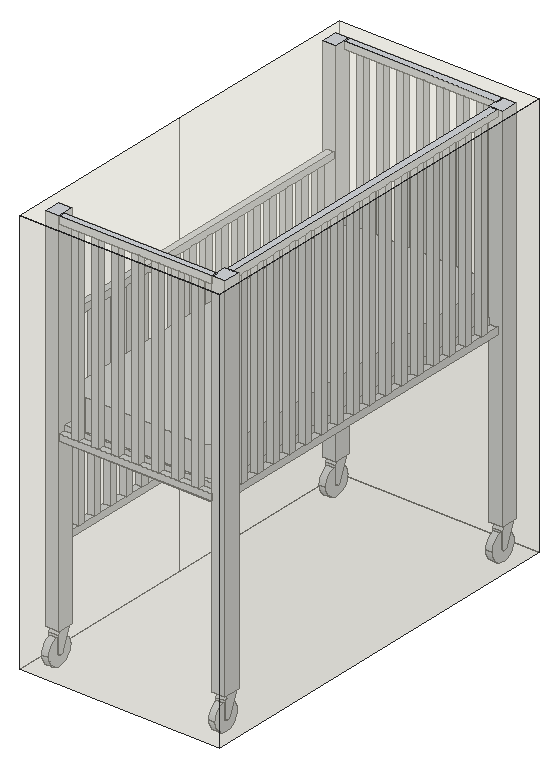
Revit family "Baby_Crib", category Specialty Equipment, Revit 2021
Family settings
  Round Connector Dimension = Use Diameter
  Part Type = Normal
  Work Plane-Based = No
  Always vertical = Yes
  Cut with Voids When Loaded = No
  Shared = No
  Room Calculation Point = No
Parameters
  caster material [instance] = none
  Youtube clip = ""
  Weight_IP = 205
  Weight Net (Kg) = 0
  Watts2 = "0"
  Watts1 = "0"
  Unit_Issue = "EA"
  Uniclass 2.0 Description = ""
  Uniclass 2.0 Code = ""
  Uniclass 1.4 Description = ""
  Uniclass 1.4 Code = ""
  UTIL_6_Misc = "-"
  UTIL_5_NonMedGas = "-"
  UTIL_4_MiscGas = "-"
  UTIL_3_MedGas = "-"
  UTIL_2_Elec = "-"
  UTIL_1_WaterDrain = "-"
  UNSPSC Code = ""
  Technical description = ""
  Region South America = "None"
  Region Oceania = "None"
  Region North America = "US"
  Region Middle East = "None"
  Region Europe = "None"
  Region Asia = "None"
  Region Antarctica = "None"
  Region Africa = "None"
  QR code = "http://bimobject.com/seps2bim/product/M7015"
  Product group = ""
  Product family = ""
  Product data url = "https://bimobject.com/seps2bim/product/M7015"
  Product certification = ""
  Product SKU = "M7015"
  Product Guid = "4024d181-a3a3-4f8c-bbae-63cc70163d71"
  OmniClass Description = ""
  OmniClass Code = ""
  Nominal width = 760
  Nominal height = 1550
  Nomenclature = "Crib"
  NSN = "6530"
  NBS Reference Description = ""
  NBS Reference Code = ""
  Material secondary = ""
  Material main = ""
  Manufacturer name = "SEPS2BIM"
  Manufacturer country = "United States"
  Location [instance] = ""
  JSN = "M7015"
  Installation instructions = ""
  IFC Classification = ""
  Fund_Source_VA = "-"
  Fund_Source_Navy = "-"
  Fund_Source_Army = "-"
  Fund_Source_AF = "-"
  Edition number = 1
  ELEC_Volts2 = "0"
  ELEC_Volts1 = "0"
  ELEC_Phase2 = "0"
  ELEC_Phase1 = "0"
  ELEC_HertzSwitch = "0"
  ELEC_HertzDependent = "0"
  ELEC_Hertz = "0"
  ELEC_Amps2 = "0"
  ELEC_Amps1 = "0"
  EAN code = ""
  DetailDescription = "Pediatric crib. Constructed of heavy square steel. Side rails have maximum 2-3/4\" bar spacing with a squeeze release. Spring height adjusts from 32 1/2\" to 41 1/2\" high. Mattresses should be water and stain resistant. The unit is mounted on ball bearing casters. To be used in pediatric departments."
  Design country = "United States"
  Description = "Pediatric crib. Constructed of heavy square steel. Side rails have maximum 2-3/4\" bar spacing with a squeeze release. Spring height adjusts from 32 1/2\" to 41 1/2\" high. Mattresses should be water and stain resistant. The unit is mounted on ball bearing casters. To be used in pediatric departments."
  Default Elevation = 0' - 0"
  Date of publishing = "2014-08-12"
  DIM_Width_IP = 2' - 6"
  DIM_Height_IP = 5' - 1"
  DIM_Depth_IP = 5' - 0"
  COBIe Type Category = ""
  CAT_VA = "C"
  CAT_Navy = "C"
  CAT_IHS = "-"
  CAT_Army = "C"
  CAT_AF = "C"
  BTUperhour = "0"
  BIMobject category = ""
Reference planes (in)
  plane 1 "Center (Front/Back)": y = 0
  plane 2: z = 0
  plane 3 "Center (Left/Right)": x = 0
  plane 4: z = 61
  plane 5: x = -15
  plane 6: x = 15
  plane 7: y = 30
  plane 8: y = -30
Forms (in)
  Extrusion 1, solid, material "EquipSpace"
    sketch origin (0, 0, 0) x (1, 0, 0) y (0, 1, 0)
      loop
        line (-15, 0) -> (-15, -30) -> (15, -30) -> (15, 30) -> (-15, 30) -> (-15, 0)
    from 0 to 61
  Extrusion 2, solid, material <- "caster material"
    sketch origin (-31.905, 73.38805, 157.48213) x (0, 1, 0) y (0, 0, 1)
      loop
        circle (-47.71593, -155.4544) r 2.02773
    from 19.905 to 18.905
  Extrusion 3, solid, material <- "caster material"
    sketch origin (-11.75, -62.6688, 157.48213) x (0, -1, 0) y (0, 0, -1)
      loop
        arc (-89.78427, 152.81872) -> (-89.75342, 152.5055) -> (-89.47585, 152.35713) r 0.33384
        line (-89.47585, 152.35713) -> (-88.28092, 152.35713) -> (-87.89991, 153.19191) -> (-87.89991, 155.48031)
        arc (-87.89991, 155.48031) -> (-88.22784, 155.85425) -> (-88.64137, 155.57793) r 0.37716
        line (-88.64137, 155.57793) -> (-88.83803, 155.10316) -> (-89.78427, 152.81872)
    from 0 to -1.5
  Extrusion 4, solid, material <- "caster material"
    sketch origin (-31.905, 73.38805, 157.48213) x (0, 1, 0) y (0, 0, 1)
      loop
        circle (-47.71593, -155.4544) r 2.02773
    from 19.905 to 18.905
  Extrusion 5, solid, material <- "caster material"
    sketch origin (31.905, 73.38805, 157.48213) x (0, 1, 0) y (0, 0, -1)
      loop
        circle (-47.71593, 155.4544) r 2.02773
    from 19.905 to 18.905
  Extrusion 6, solid, material <- "caster material"
    sketch origin (11.75, -62.6688, 157.48213) x (0, -1, 0) y (0, 0, 1)
      loop
        line (-89.78427, -152.81872) -> (-88.83803, -155.10316) -> (-88.64137, -155.57793)
        arc (-88.64137, -155.57793) -> (-88.22784, -155.85425) -> (-87.89991, -155.48031) r 0.37716
        line (-87.89991, -155.48031) -> (-87.89991, -153.19191) -> (-88.28092, -152.35713) -> (-89.47585, -152.35713)
        arc (-89.47585, -152.35713) -> (-89.75342, -152.5055) -> (-89.78427, -152.81872) r 0.33384
    from 0 to -1.5
  Extrusion 7, solid, material <- "caster material"
    sketch origin (31.905, 73.38805, 157.48213) x (0, 1, 0) y (0, 0, -1)
      loop
        circle (-47.71593, 155.4544) r 2.02773
    from 19.905 to 18.905
  Extrusion 8, solid, material <- "caster material"
    sketch origin (-31.905, 21.38805, 157.48213) x (0, 1, 0) y (0, 0, 1)
      loop
        circle (-47.71593, -155.4544) r 2.02773
    from 19.905 to 18.905
  Extrusion 9, solid, material <- "caster material"
    sketch origin (-11.75, -114.6688, 157.48213) x (0, -1, 0) y (0, 0, -1)
      loop
        arc (-89.78427, 152.81872) -> (-89.75342, 152.5055) -> (-89.47585, 152.35713) r 0.33384
        line (-89.47585, 152.35713) -> (-88.28092, 152.35713) -> (-87.89991, 153.19191) -> (-87.89991, 155.48031)
        arc (-87.89991, 155.48031) -> (-88.22784, 155.85425) -> (-88.64137, 155.57793) r 0.37716
        line (-88.64137, 155.57793) -> (-88.83803, 155.10316) -> (-89.78427, 152.81872)
    from 0 to -1.5
  Extrusion 10, solid, material <- "caster material"
    sketch origin (-31.905, 21.38805, 157.48213) x (0, 1, 0) y (0, 0, 1)
      loop
        circle (-47.71593, -155.4544) r 2.02773
    from 19.905 to 18.905
  Extrusion 11, solid, material <- "caster material"
    sketch origin (31.905, 21.38805, 157.48213) x (0, 1, 0) y (0, 0, -1)
      loop
        circle (-47.71593, 155.4544) r 2.02773
    from 19.905 to 18.905
  Extrusion 12, solid, material <- "caster material"
    sketch origin (11.75, -114.6688, 157.48213) x (0, -1, 0) y (0, 0, 1)
      loop
        line (-89.78427, -152.81872) -> (-88.83803, -155.10316) -> (-88.64137, -155.57793)
        arc (-88.64137, -155.57793) -> (-88.22784, -155.85425) -> (-87.89991, -155.48031) r 0.37716
        line (-87.89991, -155.48031) -> (-87.89991, -153.19191) -> (-88.28092, -152.35713) -> (-89.47585, -152.35713)
        arc (-89.47585, -152.35713) -> (-89.75342, -152.5055) -> (-89.78427, -152.81872) r 0.33384
    from 0 to -1.5
  Extrusion 13, solid, material <- "caster material"
    sketch origin (31.905, 21.38805, 157.48213) x (0, 1, 0) y (0, 0, -1)
      loop
        circle (-47.71593, 155.4544) r 2.02773
    from 19.905 to 18.905
  Extrusion 14, solid
    sketch origin (-0.25, 0.25, 0) x (1, 0, 0) y (0, 1, 0)
      loop
        line (-13.25, 27.14088) -> (-13.25, 24.64088) -> (-11.25, 24.64088) -> (-11.25, 27.14088) -> (-13.25, 27.14088)
    from 5.125 to 61
  Extrusion 15, solid
    sketch origin (0.25, 0.25, 0) x (-1, 0, 0) y (0, -1, 0)
      loop
        line (-13.25, -27.14088) -> (-11.25, -27.14088) -> (-11.25, -24.64088) -> (-13.25, -24.64088) -> (-13.25, -27.14088)
    from 5.125 to 61
  Extrusion 16, solid
    sketch origin (-0.25, -51.75, 0) x (1, 0, 0) y (0, 1, 0)
      loop
        line (-13.25, 27.14088) -> (-13.25, 24.64088) -> (-11.25, 24.64088) -> (-11.25, 27.14088) -> (-13.25, 27.14088)
    from 5.125 to 61
  Extrusion 17, solid
    sketch origin (0.25, -51.75, 0) x (-1, 0, 0) y (0, -1, 0)
      loop
        line (-13.25, -27.14088) -> (-11.25, -27.14088) -> (-11.25, -24.64088) -> (-13.25, -24.64088) -> (-13.25, -27.14088)
    from 5.125 to 61
  Extrusion 18, solid
    sketch origin (0, 0, 30) x (1, 0, 0) y (0, 1, 0)
      loop
        line (-11.5, 26.39088) -> (-11.5, -26.10912) -> (11.5, -26.10912) -> (11.5, 26.39088) -> (-11.5, 26.39088)
    from 0 to 2.5
  Extrusion 19, solid
    sketch origin (0, 0, 32.5) x (1, 0, 0) y (0, 1, 0)
      loop
        arc (-8.5, 25.97257) -> (-10.62132, 25.09389) -> (-11.5, 22.97257) r 3
        line (-11.5, 22.97257) -> (-11.5, -22.79622)
        arc (-11.5, -22.79622) -> (-10.62132, -24.91754) -> (-8.5, -25.79622) r 3
        line (-8.5, -25.79622) -> (8.5, -25.79622)
        arc (8.5, -25.79622) -> (10.62132, -24.91754) -> (11.5, -22.79622) r 3
        line (11.5, -22.79622) -> (11.5, 22.97257)
        arc (11.5, 22.97257) -> (10.62132, 25.09389) -> (8.5, 25.97257) r 3
        line (8.5, 25.97257) -> (-8.5, 25.97257)
    from 0 to 4.5
  Extrusion 20, solid
    sketch origin (0, -0.08169, 30.75) x (1, 0, 0) y (0, 1, 0)
      loop
        line (-11.5, -27.02743) -> (11.5, -27.02743) -> (11.5, -26.02743) -> (-11.5, -26.02743) -> (-11.5, -27.02743)
    from 0 to 1
  Extrusion 21, solid
    sketch origin (0, -0.08169, 60) x (1, 0, 0) y (0, 1, 0)
      loop
        line (-11.5, -27.02743) -> (11.5, -27.02743) -> (11.5, -26.02743) -> (-11.5, -26.02743) -> (-11.5, -27.02743)
    from 0 to 1
  Extrusion 22, solid
    sketch origin (2, 0, 36) x (1, 0, 0) y (0, 1, 0)
      loop
        line (-11.5, -26.10912) -> (-11.5, -27.10912) -> (-10.5, -27.10912) -> (-10.5, -26.10912) -> (-11.5, -26.10912)
    from -4.25 to 24
  Extrusion 23, solid
    sketch origin (5, 0, 36) x (1, 0, 0) y (0, 1, 0)
      loop
        line (-11.5, -26.10912) -> (-11.5, -27.10912) -> (-10.5, -27.10912) -> (-10.5, -26.10912) -> (-11.5, -26.10912)
    from -4.25 to 24
  Extrusion 24, solid
    sketch origin (8, 0, 36) x (1, 0, 0) y (0, 1, 0)
      loop
        line (-11.5, -26.10912) -> (-11.5, -27.10912) -> (-10.5, -27.10912) -> (-10.5, -26.10912) -> (-11.5, -26.10912)
    from -4.25 to 24
  Extrusion 25, solid
    sketch origin (11, 0, 36) x (1, 0, 0) y (0, 1, 0)
      loop
        line (-11.5, -26.10912) -> (-11.5, -27.10912) -> (-10.5, -27.10912) -> (-10.5, -26.10912) -> (-11.5, -26.10912)
    from -4.25 to 24
  Extrusion 26, solid
    sketch origin (14, 0, 36) x (1, 0, 0) y (0, 1, 0)
      loop
        line (-11.5, -26.10912) -> (-11.5, -27.10912) -> (-10.5, -27.10912) -> (-10.5, -26.10912) -> (-11.5, -26.10912)
    from -4.25 to 24
  Extrusion 27, solid
    sketch origin (17, 0, 36) x (1, 0, 0) y (0, 1, 0)
      loop
        line (-11.5, -26.10912) -> (-11.5, -27.10912) -> (-10.5, -27.10912) -> (-10.5, -26.10912) -> (-11.5, -26.10912)
    from -4.25 to 24
  Extrusion 28, solid
    sketch origin (20, 0, 36) x (1, 0, 0) y (0, 1, 0)
      loop
        line (-11.5, -26.10912) -> (-11.5, -27.10912) -> (-10.5, -27.10912) -> (-10.5, -26.10912) -> (-11.5, -26.10912)
    from -4.25 to 24
  Extrusion 29, solid
    sketch origin (0, 53.41831, 30.75) x (1, 0, 0) y (0, 1, 0)
      loop
        line (-11.5, -27.02743) -> (11.5, -27.02743) -> (11.5, -26.02743) -> (-11.5, -26.02743) -> (-11.5, -27.02743)
    from 0 to 1
  Extrusion 30, solid
    sketch origin (0, 53.41831, 60) x (1, 0, 0) y (0, 1, 0)
      loop
        line (-11.5, -27.02743) -> (11.5, -27.02743) -> (11.5, -26.02743) -> (-11.5, -26.02743) -> (-11.5, -27.02743)
    from 0 to 1
  Extrusion 31, solid
    sketch origin (2, 53.5, 36) x (1, 0, 0) y (0, 1, 0)
      loop
        line (-11.5, -26.10912) -> (-11.5, -27.10912) -> (-10.5, -27.10912) -> (-10.5, -26.10912) -> (-11.5, -26.10912)
    from -4.25 to 24
  Extrusion 32, solid
    sketch origin (5, 53.5, 36) x (1, 0, 0) y (0, 1, 0)
      loop
        line (-11.5, -26.10912) -> (-11.5, -27.10912) -> (-10.5, -27.10912) -> (-10.5, -26.10912) -> (-11.5, -26.10912)
    from -4.25 to 24
  Extrusion 33, solid
    sketch origin (8, 53.5, 36) x (1, 0, 0) y (0, 1, 0)
      loop
        line (-11.5, -26.10912) -> (-11.5, -27.10912) -> (-10.5, -27.10912) -> (-10.5, -26.10912) -> (-11.5, -26.10912)
    from -4.25 to 24
  Extrusion 34, solid
    sketch origin (11, 53.5, 36) x (1, 0, 0) y (0, 1, 0)
      loop
        line (-11.5, -26.10912) -> (-11.5, -27.10912) -> (-10.5, -27.10912) -> (-10.5, -26.10912) -> (-11.5, -26.10912)
    from -4.25 to 24
  Extrusion 35, solid
    sketch origin (14, 53.5, 36) x (1, 0, 0) y (0, 1, 0)
      loop
        line (-11.5, -26.10912) -> (-11.5, -27.10912) -> (-10.5, -27.10912) -> (-10.5, -26.10912) -> (-11.5, -26.10912)
    from -4.25 to 24
  Extrusion 36, solid
    sketch origin (17, 53.5, 36) x (1, 0, 0) y (0, 1, 0)
      loop
        line (-11.5, -26.10912) -> (-11.5, -27.10912) -> (-10.5, -27.10912) -> (-10.5, -26.10912) -> (-11.5, -26.10912)
    from -4.25 to 24
  Extrusion 37, solid
    sketch origin (20, 53.5, 36) x (1, 0, 0) y (0, 1, 0)
      loop
        line (-11.5, -26.10912) -> (-11.5, -27.10912) -> (-10.5, -27.10912) -> (-10.5, -26.10912) -> (-11.5, -26.10912)
    from -4.25 to 24
  Extrusion 38, solid
    sketch origin (-14.27743, 13.39088, 30.75) x (0, 1, 0) y (-1, 0, 0)
      loop
        line (-38, -27.02743) -> (11.5, -27.02743) -> (11.5, -26.02743) -> (-38, -26.02743) -> (-38, -27.02743)
    from 0 to 1
  Extrusion 39, solid
    sketch origin (-14.27743, 13.39088, 60) x (0, 1, 0) y (-1, 0, 0)
      loop
        line (-38, -27.02743) -> (11.5, -27.02743) -> (11.5, -26.02743) -> (-38, -26.02743) -> (-38, -27.02743)
    from 0 to 1
  Extrusion 40, solid
    sketch origin (-14.35912, 15.39088, 36) x (0, 1, 0) y (-1, 0, 0)
      loop
        line (-11.5, -26.10912) -> (-11.5, -27.10912) -> (-10.5, -27.10912) -> (-10.5, -26.10912) -> (-11.5, -26.10912)
    from -4.25 to 24
  Extrusion 41, solid
    sketch origin (-14.35912, 18.39088, 36) x (0, 1, 0) y (-1, 0, 0)
      loop
        line (-11.5, -26.10912) -> (-11.5, -27.10912) -> (-10.5, -27.10912) -> (-10.5, -26.10912) -> (-11.5, -26.10912)
    from -4.25 to 24
  Extrusion 42, solid
    sketch origin (-14.35912, 21.39088, 36) x (0, 1, 0) y (-1, 0, 0)
      loop
        line (-11.5, -26.10912) -> (-11.5, -27.10912) -> (-10.5, -27.10912) -> (-10.5, -26.10912) -> (-11.5, -26.10912)
    from -4.25 to 24
  Extrusion 43, solid
    sketch origin (-14.35912, 24.39088, 36) x (0, 1, 0) y (-1, 0, 0)
      loop
        line (-11.5, -26.10912) -> (-11.5, -27.10912) -> (-10.5, -27.10912) -> (-10.5, -26.10912) -> (-11.5, -26.10912)
    from -4.25 to 24
  Extrusion 44, solid
    sketch origin (-14.35912, 27.39088, 36) x (0, 1, 0) y (-1, 0, 0)
      loop
        line (-11.5, -26.10912) -> (-11.5, -27.10912) -> (-10.5, -27.10912) -> (-10.5, -26.10912) -> (-11.5, -26.10912)
    from -4.25 to 24
  Extrusion 45, solid
    sketch origin (-14.35912, 30.39088, 36) x (0, 1, 0) y (-1, 0, 0)
      loop
        line (-11.5, -26.10912) -> (-11.5, -27.10912) -> (-10.5, -27.10912) -> (-10.5, -26.10912) -> (-11.5, -26.10912)
    from -4.25 to 24
  Extrusion 46, solid
    sketch origin (-14.35912, 33.39088, 36) x (0, 1, 0) y (-1, 0, 0)
      loop
        line (-11.5, -26.10912) -> (-11.5, -27.10912) -> (-10.5, -27.10912) -> (-10.5, -26.10912) -> (-11.5, -26.10912)
    from -4.25 to 24
  Extrusion 47, solid
    sketch origin (-14.35912, -5.60912, 36) x (0, 1, 0) y (-1, 0, 0)
      loop
        line (-11.5, -26.10912) -> (-11.5, -27.10912) -> (-10.5, -27.10912) -> (-10.5, -26.10912) -> (-11.5, -26.10912)
    from -4.25 to 24
  Extrusion 48, solid
    sketch origin (-14.35912, -2.60912, 36) x (0, 1, 0) y (-1, 0, 0)
      loop
        line (-11.5, -26.10912) -> (-11.5, -27.10912) -> (-10.5, -27.10912) -> (-10.5, -26.10912) -> (-11.5, -26.10912)
    from -4.25 to 24
  Extrusion 49, solid
    sketch origin (-14.35912, 0.39088, 36) x (0, 1, 0) y (-1, 0, 0)
      loop
        line (-11.5, -26.10912) -> (-11.5, -27.10912) -> (-10.5, -27.10912) -> (-10.5, -26.10912) -> (-11.5, -26.10912)
    from -4.25 to 24
  Extrusion 50, solid
    sketch origin (-14.35912, 3.39088, 36) x (0, 1, 0) y (-1, 0, 0)
      loop
        line (-11.5, -26.10912) -> (-11.5, -27.10912) -> (-10.5, -27.10912) -> (-10.5, -26.10912) -> (-11.5, -26.10912)
    from -4.25 to 24
  Extrusion 51, solid
    sketch origin (-14.35912, 6.39088, 36) x (0, 1, 0) y (-1, 0, 0)
      loop
        line (-11.5, -26.10912) -> (-11.5, -27.10912) -> (-10.5, -27.10912) -> (-10.5, -26.10912) -> (-11.5, -26.10912)
    from -4.25 to 24
  Extrusion 52, solid
    sketch origin (-14.35912, 9.39088, 36) x (0, 1, 0) y (-1, 0, 0)
      loop
        line (-11.5, -26.10912) -> (-11.5, -27.10912) -> (-10.5, -27.10912) -> (-10.5, -26.10912) -> (-11.5, -26.10912)
    from -4.25 to 24
  Extrusion 53, solid
    sketch origin (-14.35912, 12.39088, 36) x (0, 1, 0) y (-1, 0, 0)
      loop
        line (-11.5, -26.10912) -> (-11.5, -27.10912) -> (-10.5, -27.10912) -> (-10.5, -26.10912) -> (-11.5, -26.10912)
    from -4.25 to 24
  Extrusion 54, solid
    sketch origin (-14.35912, -11.60912, 36) x (0, 1, 0) y (-1, 0, 0)
      loop
        line (-11.5, -26.10912) -> (-11.5, -27.10912) -> (-10.5, -27.10912) -> (-10.5, -26.10912) -> (-11.5, -26.10912)
    from -4.25 to 24
  Extrusion 55, solid
    sketch origin (-14.35912, -8.60912, 36) x (0, 1, 0) y (-1, 0, 0)
      loop
        line (-11.5, -26.10912) -> (-11.5, -27.10912) -> (-10.5, -27.10912) -> (-10.5, -26.10912) -> (-11.5, -26.10912)
    from -4.25 to 24
  Extrusion 56, solid
    sketch origin (14.27743, 13.39088, 16.5) x (0, 1, 0) y (-1, 0, 0)
      loop
        line (-38, 27.02743) -> (-38, 26.02743) -> (11.5, 26.02743) -> (11.5, 27.02743) -> (-38, 27.02743)
    from 0 to 1
  Extrusion 57, solid
    sketch origin (14.27743, 13.39088, 45.75) x (0, 1, 0) y (-1, 0, 0)
      loop
        line (-38, 27.02743) -> (-38, 26.02743) -> (11.5, 26.02743) -> (11.5, 27.02743) -> (-38, 27.02743)
    from 0 to 1
  Extrusion 58, solid
    sketch origin (14.35912, 15.39088, 21.75) x (0, 1, 0) y (-1, 0, 0)
      loop
        line (-11.5, 26.10912) -> (-10.5, 26.10912) -> (-10.5, 27.10912) -> (-11.5, 27.10912) -> (-11.5, 26.10912)
    from -4.25 to 24
  Extrusion 59, solid
    sketch origin (14.35912, 18.39088, 21.75) x (0, 1, 0) y (-1, 0, 0)
      loop
        line (-11.5, 26.10912) -> (-10.5, 26.10912) -> (-10.5, 27.10912) -> (-11.5, 27.10912) -> (-11.5, 26.10912)
    from -4.25 to 24
  Extrusion 60, solid
    sketch origin (14.35912, 21.39088, 21.75) x (0, 1, 0) y (-1, 0, 0)
      loop
        line (-11.5, 26.10912) -> (-10.5, 26.10912) -> (-10.5, 27.10912) -> (-11.5, 27.10912) -> (-11.5, 26.10912)
    from -4.25 to 24
  Extrusion 61, solid
    sketch origin (14.35912, 24.39088, 21.75) x (0, 1, 0) y (-1, 0, 0)
      loop
        line (-11.5, 26.10912) -> (-10.5, 26.10912) -> (-10.5, 27.10912) -> (-11.5, 27.10912) -> (-11.5, 26.10912)
    from -4.25 to 24
  Extrusion 62, solid
    sketch origin (14.35912, 27.39088, 21.75) x (0, 1, 0) y (-1, 0, 0)
      loop
        line (-11.5, 26.10912) -> (-10.5, 26.10912) -> (-10.5, 27.10912) -> (-11.5, 27.10912) -> (-11.5, 26.10912)
    from -4.25 to 24
  Extrusion 63, solid
    sketch origin (14.35912, 30.39088, 21.75) x (0, 1, 0) y (-1, 0, 0)
      loop
        line (-11.5, 26.10912) -> (-10.5, 26.10912) -> (-10.5, 27.10912) -> (-11.5, 27.10912) -> (-11.5, 26.10912)
    from -4.25 to 24
  Extrusion 64, solid
    sketch origin (14.35912, 33.39088, 21.75) x (0, 1, 0) y (-1, 0, 0)
      loop
        line (-11.5, 26.10912) -> (-10.5, 26.10912) -> (-10.5, 27.10912) -> (-11.5, 27.10912) -> (-11.5, 26.10912)
    from -4.25 to 24
  Extrusion 65, solid
    sketch origin (14.35912, -5.60912, 21.75) x (0, 1, 0) y (-1, 0, 0)
      loop
        line (-11.5, 26.10912) -> (-10.5, 26.10912) -> (-10.5, 27.10912) -> (-11.5, 27.10912) -> (-11.5, 26.10912)
    from -4.25 to 24
  Extrusion 66, solid
    sketch origin (14.35912, -2.60912, 21.75) x (0, 1, 0) y (-1, 0, 0)
      loop
        line (-11.5, 26.10912) -> (-10.5, 26.10912) -> (-10.5, 27.10912) -> (-11.5, 27.10912) -> (-11.5, 26.10912)
    from -4.25 to 24
  Extrusion 67, solid
    sketch origin (14.35912, 0.39088, 21.75) x (0, 1, 0) y (-1, 0, 0)
      loop
        line (-11.5, 26.10912) -> (-10.5, 26.10912) -> (-10.5, 27.10912) -> (-11.5, 27.10912) -> (-11.5, 26.10912)
    from -4.25 to 24
  Extrusion 68, solid
    sketch origin (14.35912, 3.39088, 21.75) x (0, 1, 0) y (-1, 0, 0)
      loop
        line (-11.5, 26.10912) -> (-10.5, 26.10912) -> (-10.5, 27.10912) -> (-11.5, 27.10912) -> (-11.5, 26.10912)
    from -4.25 to 24
  Extrusion 69, solid
    sketch origin (14.35912, 6.39088, 21.75) x (0, 1, 0) y (-1, 0, 0)
      loop
        line (-11.5, 26.10912) -> (-10.5, 26.10912) -> (-10.5, 27.10912) -> (-11.5, 27.10912) -> (-11.5, 26.10912)
    from -4.25 to 24
  Extrusion 70, solid
    sketch origin (14.35912, 9.39088, 21.75) x (0, 1, 0) y (-1, 0, 0)
      loop
        line (-11.5, 26.10912) -> (-10.5, 26.10912) -> (-10.5, 27.10912) -> (-11.5, 27.10912) -> (-11.5, 26.10912)
    from -4.25 to 24
  Extrusion 71, solid
    sketch origin (14.35912, 12.39088, 21.75) x (0, 1, 0) y (-1, 0, 0)
      loop
        line (-11.5, 26.10912) -> (-10.5, 26.10912) -> (-10.5, 27.10912) -> (-11.5, 27.10912) -> (-11.5, 26.10912)
    from -4.25 to 24
  Extrusion 72, solid
    sketch origin (14.35912, -11.60912, 21.75) x (0, 1, 0) y (-1, 0, 0)
      loop
        line (-11.5, 26.10912) -> (-10.5, 26.10912) -> (-10.5, 27.10912) -> (-11.5, 27.10912) -> (-11.5, 26.10912)
    from -4.25 to 24
  Extrusion 73, solid
    sketch origin (14.35912, -8.60912, 21.75) x (0, 1, 0) y (-1, 0, 0)
      loop
        line (-11.5, 26.10912) -> (-10.5, 26.10912) -> (-10.5, 27.10912) -> (-11.5, 27.10912) -> (-11.5, 26.10912)
    from -4.25 to 24
Dimensions and locks (in)
  "DIM_Height_IP": plane 4 to plane 2
  equal spacing: plane 5, plane 3 "Center (Left/Right)", plane 6
  "DIM_Width_IP": plane 5 to plane 6
  equal spacing: plane 7, plane 1 "Center (Front/Back)", plane 8
  "DIM_Depth_IP": plane 7 to plane 8
  aligned and locked: level to plane 2
  aligned and locked: plane 4 to Extrusion 1
  aligned and locked: plane 7 to Extrusion 1
  aligned and locked: Extrusion 1 to plane 5
  aligned and locked: Extrusion 1 to plane 8
  aligned and locked: Extrusion 1 to plane 6
Automatic sketch dimensions
  plane 1 "Center (Front/Back)" to Extrusion 1 sketch curve = 0' - 0"
  Extrusion 1 sketch curve to plane 5 = 0' - 0"
  Extrusion 1 sketch curve to plane 6 = 0' - 0"
  Extrusion 1 sketch curve to plane 8 = 0' - 0"
  Extrusion 1 sketch curve to plane 7 = 0' - 0"
  level to Extrusion 2 sketch curve = 0' - 2.02773"
  Extrusion 2 sketch curve to plane 7 = 0' - 4.32788"
  Extrusion 3 sketch curve to plane 7 = 0' - 2.88453"
  Extrusion 3 sketch curve to Extrusion 3 sketch curve = 0' - 0.30843"
  Extrusion 3 sketch curve to Extrusion 3 sketch curve = 0' - 0.94624"
  level to Extrusion 3 sketch curve = 0' - 1.9042"
  Extrusion 3 sketch curve to Extrusion 3 sketch curve = 0' - 0.19666"
  Extrusion 3 sketch curve to Extrusion 3 sketch curve = 0' - 1.19493"
  Extrusion 3 sketch curve to Extrusion 3 sketch curve = 0' - 0.36431"
  Extrusion 3 sketch curve to Extrusion 3 sketch curve = 0' - 0.37716"
  Extrusion 3 sketch curve to Extrusion 3 sketch curve = 0' - 0.47477"
  Extrusion 3 sketch curve to Extrusion 3 sketch curve = 0' - 1.91125"
  Extrusion 3 sketch curve to Extrusion 3 sketch curve = 0' - 0.37319"
  Extrusion 3 sketch curve to Extrusion 3 sketch curve = 0' - 0.12776"
  level to Extrusion 4 sketch curve = 0' - 2.02773"
  Extrusion 4 sketch curve to plane 7 = 0' - 4.32788"
  level to Extrusion 5 sketch curve = 0' - 2.02773"
  Extrusion 5 sketch curve to plane 7 = 0' - 4.32788"
  Extrusion 6 sketch curve to plane 7 = 0' - 2.88453"
  Extrusion 6 sketch curve to Extrusion 6 sketch curve = 0' - 0.30843"
  Extrusion 6 sketch curve to Extrusion 6 sketch curve = 0' - 0.94624"
  level to Extrusion 6 sketch curve = 0' - 1.9042"
  Extrusion 6 sketch curve to Extrusion 6 sketch curve = 0' - 0.19666"
  Extrusion 6 sketch curve to Extrusion 6 sketch curve = 0' - 1.19493"
  Extrusion 6 sketch curve to Extrusion 6 sketch curve = 0' - 0.36431"
  Extrusion 6 sketch curve to Extrusion 6 sketch curve = 0' - 0.37716"
  Extrusion 6 sketch curve to Extrusion 6 sketch curve = 0' - 0.47477"
  Extrusion 6 sketch curve to Extrusion 6 sketch curve = 0' - 1.91125"
  Extrusion 6 sketch curve to Extrusion 6 sketch curve = 0' - 0.37319"
  Extrusion 6 sketch curve to Extrusion 6 sketch curve = 0' - 0.12776"
  level to Extrusion 7 sketch curve = 0' - 2.02773"
  Extrusion 7 sketch curve to plane 7 = 0' - 4.32788"
  plane 8 to Extrusion 8 sketch curve = 0' - 3.67212"
  level to Extrusion 8 sketch curve = 0' - 2.02773"
  plane 8 to Extrusion 9 sketch curve = 0' - 5.11547"
  Extrusion 9 sketch curve to Extrusion 9 sketch curve = 0' - 0.30843"
  Extrusion 9 sketch curve to Extrusion 9 sketch curve = 0' - 0.94624"
  level to Extrusion 9 sketch curve = 0' - 1.9042"
  Extrusion 9 sketch curve to Extrusion 9 sketch curve = 0' - 0.19666"
  Extrusion 9 sketch curve to Extrusion 9 sketch curve = 0' - 1.19493"
  Extrusion 9 sketch curve to Extrusion 9 sketch curve = 0' - 0.36431"
  Extrusion 9 sketch curve to Extrusion 9 sketch curve = 0' - 0.37716"
  Extrusion 9 sketch curve to Extrusion 9 sketch curve = 0' - 0.47477"
  Extrusion 9 sketch curve to Extrusion 9 sketch curve = 0' - 1.91125"
  Extrusion 9 sketch curve to Extrusion 9 sketch curve = 0' - 0.37319"
  Extrusion 9 sketch curve to Extrusion 9 sketch curve = 0' - 0.12776"
  plane 8 to Extrusion 10 sketch curve = 0' - 3.67212"
  level to Extrusion 10 sketch curve = 0' - 2.02773"
  plane 8 to Extrusion 11 sketch curve = 0' - 3.67212"
  level to Extrusion 11 sketch curve = 0' - 2.02773"
  plane 8 to Extrusion 12 sketch curve = 0' - 5.11547"
  Extrusion 12 sketch curve to Extrusion 12 sketch curve = 0' - 0.30843"
  Extrusion 12 sketch curve to Extrusion 12 sketch curve = 0' - 0.94624"
  level to Extrusion 12 sketch curve = 0' - 1.9042"
  Extrusion 12 sketch curve to Extrusion 12 sketch curve = 0' - 0.19666"
  Extrusion 12 sketch curve to Extrusion 12 sketch curve = 0' - 1.19493"
  Extrusion 12 sketch curve to Extrusion 12 sketch curve = 0' - 0.36431"
  Extrusion 12 sketch curve to Extrusion 12 sketch curve = 0' - 0.37716"
  Extrusion 12 sketch curve to Extrusion 12 sketch curve = 0' - 0.47477"
  Extrusion 12 sketch curve to Extrusion 12 sketch curve = 0' - 1.91125"
  Extrusion 12 sketch curve to Extrusion 12 sketch curve = 0' - 0.37319"
  Extrusion 12 sketch curve to Extrusion 12 sketch curve = 0' - 0.12776"
  plane 8 to Extrusion 13 sketch curve = 0' - 3.67212"
  level to Extrusion 13 sketch curve = 0' - 2.02773"
  Extrusion 14 sketch curve to plane 5 = 0' - 1 1/2"
  Extrusion 14 sketch curve to Extrusion 14 sketch curve = 0' - 2"
  Extrusion 14 sketch curve to plane 7 = 0' - 5.10912"
  Extrusion 14 sketch curve to Extrusion 14 sketch curve = 0' - 2 1/2"
  plane 6 to Extrusion 15 sketch curve = 0' - 1 1/2"
  Extrusion 15 sketch curve to Extrusion 15 sketch curve = 0' - 2"
  Extrusion 15 sketch curve to plane 7 = 0' - 2.60912"
  Extrusion 15 sketch curve to Extrusion 15 sketch curve = 0' - 2 1/2"
  Extrusion 16 sketch curve to plane 5 = 0' - 1 1/2"
  Extrusion 16 sketch curve to Extrusion 16 sketch curve = 0' - 2"
  plane 8 to Extrusion 16 sketch curve = 0' - 2.89088"
  Extrusion 16 sketch curve to Extrusion 16 sketch curve = 0' - 2 1/2"
  plane 6 to Extrusion 17 sketch curve = 0' - 1 1/2"
  Extrusion 17 sketch curve to Extrusion 17 sketch curve = 0' - 2"
  plane 8 to Extrusion 17 sketch curve = 0' - 5.39088"
  Extrusion 17 sketch curve to Extrusion 17 sketch curve = 0' - 2 1/2"
  Extrusion 18 sketch curve to plane 5 = 0' - 3 1/2"
  plane 6 to Extrusion 18 sketch curve = 0' - 3 1/2"
  plane 8 to Extrusion 18 sketch curve = 0' - 3.89088"
  Extrusion 18 sketch curve to plane 7 = 0' - 3.60912"
  Extrusion 19 sketch curve to plane 5 = 0' - 3 1/2"
  Extrusion 19 sketch curve to Extrusion 19 sketch curve = 0' - 3"  (x3)
  plane 6 to Extrusion 19 sketch curve = 0' - 6 1/2"  (x2)
  plane 8 to Extrusion 19 sketch curve = 0' - 4.20378"
  Extrusion 19 sketch curve to plane 7 = 0' - 7.02743"
  Extrusion 20 sketch curve to plane 5 = 0' - 3 1/2"
  plane 6 to Extrusion 20 sketch curve = 0' - 3 1/2"
  plane 8 to Extrusion 20 sketch curve = 0' - 2.89088"
  Extrusion 20 sketch curve to Extrusion 20 sketch curve = 0' - 1"
  Extrusion 21 sketch curve to plane 5 = 0' - 3 1/2"
  plane 6 to Extrusion 21 sketch curve = 0' - 3 1/2"
  plane 8 to Extrusion 21 sketch curve = 0' - 2.89088"
  Extrusion 21 sketch curve to Extrusion 21 sketch curve = 0' - 1"
  Extrusion 22 sketch curve to plane 5 = 0' - 5 1/2"
  Extrusion 22 sketch curve to Extrusion 22 sketch curve = 0' - 1"  (x2)
  plane 8 to Extrusion 22 sketch curve = 0' - 2.89088"
  plane 8 to Extrusion 23 sketch curve = 0' - 2.89088"
  Extrusion 23 sketch curve to plane 3 "Center (Left/Right)" = 0' - 6 1/2"
  Extrusion 23 sketch curve to Extrusion 23 sketch curve = 0' - 1"  (x2)
  Extrusion 24 sketch curve to plane 3 "Center (Left/Right)" = 0' - 3 1/2"
  Extrusion 24 sketch curve to Extrusion 24 sketch curve = 0' - 1"  (x2)
  plane 8 to Extrusion 24 sketch curve = 0' - 2.89088"
  Extrusion 25 sketch curve to plane 3 "Center (Left/Right)" = 0' - 0 1/2"
  plane 3 "Center (Left/Right)" to Extrusion 25 sketch curve = 0' - 0 1/2"
  plane 8 to Extrusion 25 sketch curve = 0' - 2.89088"
  Extrusion 25 sketch curve to Extrusion 25 sketch curve = 0' - 1"
  plane 3 "Center (Left/Right)" to Extrusion 26 sketch curve = 0' - 2 1/2"
  Extrusion 26 sketch curve to Extrusion 26 sketch curve = 0' - 1"  (x2)
  plane 8 to Extrusion 26 sketch curve = 0' - 2.89088"
  plane 3 "Center (Left/Right)" to Extrusion 27 sketch curve = 0' - 5 1/2"
  Extrusion 27 sketch curve to Extrusion 27 sketch curve = 0' - 1"  (x2)
  plane 8 to Extrusion 27 sketch curve = 0' - 2.89088"
  plane 8 to Extrusion 28 sketch curve = 0' - 2.89088"
  plane 6 to Extrusion 28 sketch curve = 0' - 6 1/2"
  Extrusion 28 sketch curve to Extrusion 28 sketch curve = 0' - 1"  (x2)
  Extrusion 29 sketch curve to plane 5 = 0' - 3 1/2"
  plane 6 to Extrusion 29 sketch curve = 0' - 3 1/2"
  Extrusion 29 sketch curve to plane 7 = 0' - 3.60912"
  Extrusion 29 sketch curve to Extrusion 29 sketch curve = 0' - 1"
  Extrusion 30 sketch curve to plane 5 = 0' - 3 1/2"
  plane 6 to Extrusion 30 sketch curve = 0' - 3 1/2"
  Extrusion 30 sketch curve to plane 7 = 0' - 3.60912"
  Extrusion 30 sketch curve to Extrusion 30 sketch curve = 0' - 1"
  Extrusion 31 sketch curve to plane 5 = 0' - 5 1/2"
  Extrusion 31 sketch curve to Extrusion 31 sketch curve = 0' - 1"  (x2)
  Extrusion 31 sketch curve to plane 7 = 0' - 3.60912"
  Extrusion 32 sketch curve to plane 3 "Center (Left/Right)" = 0' - 6 1/2"
  Extrusion 32 sketch curve to Extrusion 32 sketch curve = 0' - 1"  (x2)
  Extrusion 32 sketch curve to plane 7 = 0' - 3.60912"
  Extrusion 33 sketch curve to plane 3 "Center (Left/Right)" = 0' - 3 1/2"
  Extrusion 33 sketch curve to Extrusion 33 sketch curve = 0' - 1"  (x2)
  Extrusion 33 sketch curve to plane 7 = 0' - 3.60912"
  Extrusion 34 sketch curve to plane 3 "Center (Left/Right)" = 0' - 0 1/2"
  plane 3 "Center (Left/Right)" to Extrusion 34 sketch curve = 0' - 0 1/2"
  Extrusion 34 sketch curve to plane 7 = 0' - 3.60912"
  Extrusion 34 sketch curve to Extrusion 34 sketch curve = 0' - 1"
  plane 3 "Center (Left/Right)" to Extrusion 35 sketch curve = 0' - 2 1/2"
  Extrusion 35 sketch curve to Extrusion 35 sketch curve = 0' - 1"  (x2)
  Extrusion 35 sketch curve to plane 7 = 0' - 3.60912"
  plane 3 "Center (Left/Right)" to Extrusion 36 sketch curve = 0' - 5 1/2"
  Extrusion 36 sketch curve to Extrusion 36 sketch curve = 0' - 1"  (x2)
  Extrusion 36 sketch curve to plane 7 = 0' - 3.60912"
  plane 6 to Extrusion 37 sketch curve = 0' - 6 1/2"
  Extrusion 37 sketch curve to Extrusion 37 sketch curve = 0' - 1"  (x2)
  Extrusion 37 sketch curve to plane 7 = 0' - 3.60912"
  plane 8 to Extrusion 38 sketch curve = 0' - 5.39088"
  Extrusion 38 sketch curve to plane 7 = 0' - 5.10912"
  plane 6 to Extrusion 38 sketch curve = 0' - 2 1/4"
  Extrusion 38 sketch curve to Extrusion 38 sketch curve = 0' - 1"
  plane 8 to Extrusion 39 sketch curve = 0' - 5.39088"
  Extrusion 39 sketch curve to plane 7 = 0' - 5.10912"
  plane 6 to Extrusion 39 sketch curve = 0' - 2 1/4"
  Extrusion 39 sketch curve to Extrusion 39 sketch curve = 0' - 1"
  Extrusion 40 sketch curve to plane 1 "Center (Front/Back)" = 0' - 3.89088"
  Extrusion 40 sketch curve to Extrusion 40 sketch curve = 0' - 1"  (x2)
  plane 6 to Extrusion 40 sketch curve = 0' - 2 1/4"
  plane 6 to Extrusion 41 sketch curve = 0' - 2 1/4"
  Extrusion 41 sketch curve to plane 1 "Center (Front/Back)" = 0' - 6.89088"
  Extrusion 41 sketch curve to Extrusion 41 sketch curve = 0' - 1"  (x2)
  plane 6 to Extrusion 42 sketch curve = 0' - 2 1/4"
  Extrusion 42 sketch curve to plane 1 "Center (Front/Back)" = 0' - 9.89088"
  Extrusion 42 sketch curve to Extrusion 42 sketch curve = 0' - 1"  (x2)
  plane 6 to Extrusion 43 sketch curve = 0' - 2 1/4"
  Extrusion 43 sketch curve to plane 1 "Center (Front/Back)" = 1' - 0.89088"
  Extrusion 43 sketch curve to Extrusion 43 sketch curve = 0' - 1"  (x2)
  plane 6 to Extrusion 44 sketch curve = 0' - 2 1/4"
  Extrusion 44 sketch curve to plane 7 = 1' - 2.10912"
  Extrusion 44 sketch curve to Extrusion 44 sketch curve = 0' - 1"  (x2)
  plane 6 to Extrusion 45 sketch curve = 0' - 2 1/4"
  Extrusion 45 sketch curve to plane 7 = 0' - 11.10912"
  Extrusion 45 sketch curve to Extrusion 45 sketch curve = 0' - 1"  (x2)
  plane 6 to Extrusion 46 sketch curve = 0' - 2 1/4"
  Extrusion 46 sketch curve to plane 7 = 0' - 8.10912"
  Extrusion 46 sketch curve to Extrusion 46 sketch curve = 0' - 1"  (x2)
  plane 6 to Extrusion 47 sketch curve = 0' - 2 1/4"
  plane 8 to Extrusion 47 sketch curve = 1' - 0.89088"
  Extrusion 47 sketch curve to Extrusion 47 sketch curve = 0' - 1"  (x2)
  plane 6 to Extrusion 48 sketch curve = 0' - 2 1/4"
  plane 1 "Center (Front/Back)" to Extrusion 48 sketch curve = 1' - 2.10912"
  Extrusion 48 sketch curve to Extrusion 48 sketch curve = 0' - 1"  (x2)
  plane 6 to Extrusion 49 sketch curve = 0' - 2 1/4"
  plane 1 "Center (Front/Back)" to Extrusion 49 sketch curve = 0' - 11.10912"
  Extrusion 49 sketch curve to Extrusion 49 sketch curve = 0' - 1"  (x2)
  plane 6 to Extrusion 50 sketch curve = 0' - 2 1/4"
  plane 1 "Center (Front/Back)" to Extrusion 50 sketch curve = 0' - 8.10912"
  Extrusion 50 sketch curve to Extrusion 50 sketch curve = 0' - 1"  (x2)
  plane 6 to Extrusion 51 sketch curve = 0' - 2 1/4"
  plane 1 "Center (Front/Back)" to Extrusion 51 sketch curve = 0' - 5.10912"
  Extrusion 51 sketch curve to Extrusion 51 sketch curve = 0' - 1"  (x2)
  plane 1 "Center (Front/Back)" to Extrusion 52 sketch curve = 0' - 2.10912"
  Extrusion 52 sketch curve to Extrusion 52 sketch curve = 0' - 1"  (x2)
  plane 6 to Extrusion 52 sketch curve = 0' - 2 1/4"
  Extrusion 53 sketch curve to plane 1 "Center (Front/Back)" = 0' - 0.89088"
  Extrusion 53 sketch curve to Extrusion 53 sketch curve = 0' - 1"  (x2)
  plane 6 to Extrusion 53 sketch curve = 0' - 2 1/4"
  plane 6 to Extrusion 54 sketch curve = 0' - 2 1/4"
  plane 8 to Extrusion 54 sketch curve = 0' - 6.89088"
  Extrusion 54 sketch curve to Extrusion 54 sketch curve = 0' - 1"  (x2)
  plane 6 to Extrusion 55 sketch curve = 0' - 2 1/4"
  plane 8 to Extrusion 55 sketch curve = 0' - 9.89088"
  Extrusion 55 sketch curve to Extrusion 55 sketch curve = 0' - 1"  (x2)
  plane 8 to Extrusion 56 sketch curve = 0' - 5.39088"
  Extrusion 56 sketch curve to plane 7 = 0' - 5.10912"
  Extrusion 56 sketch curve to plane 5 = 0' - 3 1/4"
  Extrusion 56 sketch curve to Extrusion 56 sketch curve = 0' - 1"
  plane 8 to Extrusion 57 sketch curve = 0' - 5.39088"
  Extrusion 57 sketch curve to plane 7 = 0' - 5.10912"
  Extrusion 57 sketch curve to plane 5 = 0' - 3 1/4"
  Extrusion 57 sketch curve to Extrusion 57 sketch curve = 0' - 1"
  Extrusion 58 sketch curve to plane 1 "Center (Front/Back)" = 0' - 3.89088"
  Extrusion 58 sketch curve to Extrusion 58 sketch curve = 0' - 1"  (x2)
  Extrusion 58 sketch curve to plane 5 = 0' - 3 1/4"
  Extrusion 59 sketch curve to plane 5 = 0' - 2 1/4"
  Extrusion 59 sketch curve to plane 1 "Center (Front/Back)" = 0' - 6.89088"
  Extrusion 59 sketch curve to Extrusion 59 sketch curve = 0' - 1"  (x2)
  Extrusion 60 sketch curve to plane 5 = 0' - 2 1/4"
  Extrusion 60 sketch curve to plane 1 "Center (Front/Back)" = 0' - 9.89088"
  Extrusion 60 sketch curve to Extrusion 60 sketch curve = 0' - 1"  (x2)
  Extrusion 61 sketch curve to plane 5 = 0' - 2 1/4"
  Extrusion 61 sketch curve to plane 1 "Center (Front/Back)" = 1' - 0.89088"
  Extrusion 61 sketch curve to Extrusion 61 sketch curve = 0' - 1"  (x2)
  Extrusion 62 sketch curve to plane 5 = 0' - 2 1/4"
  Extrusion 62 sketch curve to plane 7 = 1' - 2.10912"
  Extrusion 62 sketch curve to Extrusion 62 sketch curve = 0' - 1"  (x2)
  Extrusion 63 sketch curve to plane 5 = 0' - 2 1/4"
  Extrusion 63 sketch curve to plane 7 = 0' - 11.10912"
  Extrusion 63 sketch curve to Extrusion 63 sketch curve = 0' - 1"  (x2)
  Extrusion 64 sketch curve to plane 5 = 0' - 2 1/4"
  Extrusion 64 sketch curve to plane 7 = 0' - 8.10912"
  Extrusion 64 sketch curve to Extrusion 64 sketch curve = 0' - 1"  (x2)
  Extrusion 65 sketch curve to plane 5 = 0' - 2 1/4"
  plane 8 to Extrusion 65 sketch curve = 1' - 0.89088"
  Extrusion 65 sketch curve to Extrusion 65 sketch curve = 0' - 1"  (x2)
  Extrusion 66 sketch curve to plane 5 = 0' - 2 1/4"
  plane 1 "Center (Front/Back)" to Extrusion 66 sketch curve = 1' - 2.10912"
  Extrusion 66 sketch curve to Extrusion 66 sketch curve = 0' - 1"  (x2)
  Extrusion 67 sketch curve to plane 5 = 0' - 2 1/4"
  plane 1 "Center (Front/Back)" to Extrusion 67 sketch curve = 0' - 11.10912"
  Extrusion 67 sketch curve to Extrusion 67 sketch curve = 0' - 1"  (x2)
  Extrusion 68 sketch curve to plane 5 = 0' - 2 1/4"
  plane 1 "Center (Front/Back)" to Extrusion 68 sketch curve = 0' - 8.10912"
  Extrusion 68 sketch curve to Extrusion 68 sketch curve = 0' - 1"  (x2)
  Extrusion 69 sketch curve to plane 5 = 0' - 2 1/4"
  plane 1 "Center (Front/Back)" to Extrusion 69 sketch curve = 0' - 5.10912"
  Extrusion 69 sketch curve to Extrusion 69 sketch curve = 0' - 1"  (x2)
  plane 1 "Center (Front/Back)" to Extrusion 70 sketch curve = 0' - 2.10912"
  Extrusion 70 sketch curve to Extrusion 70 sketch curve = 0' - 1"  (x2)
  Extrusion 70 sketch curve to plane 5 = 0' - 3 1/4"
  Extrusion 71 sketch curve to plane 1 "Center (Front/Back)" = 0' - 0.89088"
  Extrusion 71 sketch curve to Extrusion 71 sketch curve = 0' - 1"  (x2)
  Extrusion 71 sketch curve to plane 5 = 0' - 3 1/4"
  Extrusion 72 sketch curve to plane 5 = 0' - 2 1/4"
  plane 8 to Extrusion 72 sketch curve = 0' - 6.89088"
  Extrusion 72 sketch curve to Extrusion 72 sketch curve = 0' - 1"  (x2)
  Extrusion 73 sketch curve to plane 5 = 0' - 2 1/4"
  plane 8 to Extrusion 73 sketch curve = 0' - 9.89088"
  Extrusion 73 sketch curve to Extrusion 73 sketch curve = 0' - 1"  (x2)
  radius of Extrusion 2 sketch curve = 0' - 2.02773"
  radius of Extrusion 4 sketch curve = 0' - 2.02773"
  radius of Extrusion 5 sketch curve = 0' - 2.02773"
  radius of Extrusion 7 sketch curve = 0' - 2.02773"
  radius of Extrusion 8 sketch curve = 0' - 2.02773"
  radius of Extrusion 10 sketch curve = 0' - 2.02773"
  radius of Extrusion 11 sketch curve = 0' - 2.02773"
  radius of Extrusion 13 sketch curve = 0' - 2.02773"
